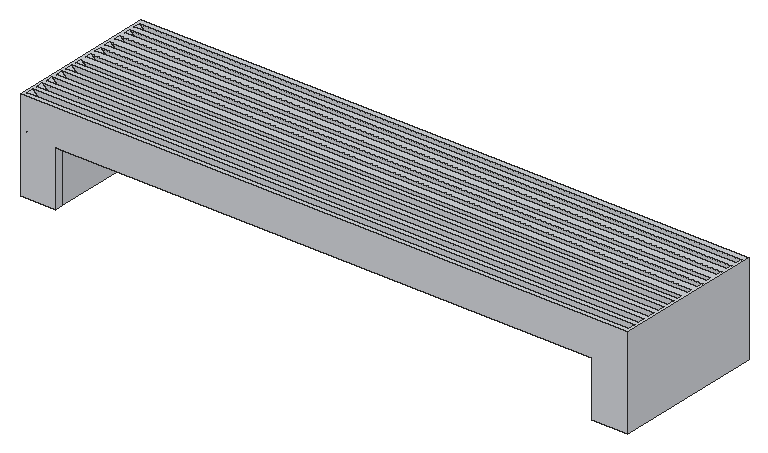
Revit family "SP13", category Mechanical Equipment, Revit 2017
Family settings
  Round Connector Dimension = Use Diameter
  Part Type = Normal
  OmniClass Number = 23.75.00.00
  OmniClass Title = Climate Control (HVAC)
  Work Plane-Based = No
  Always vertical = Yes
  Cut with Voids When Loaded = No
  Shared = No
  Room Calculation Point = No
Parameters
  Width = 299 mm
  Length = 1200 mm
  Leg height = 180 mm
  Height = 180 mm
Reference planes
  plane 1 "Center (Front/Back)": y = 0
  plane 2: z = 0
  plane 3 "Center (Left/Right)": x = 0
  plane 4: x = 0
  plane 5: x = -600
  plane 6: x = 600
  plane 7: x = -595
  plane 8: x = -580
  plane 9: x = 595
  plane 10: x = 580
  plane 11: x = 597
  plane 12: x = -597
  plane 13: z = 180
  plane 14: z = 165
  plane 15: z = 125
  plane 16: z = 110
  plane 17: y = -3
  plane 18: y = -299
  plane 19: y = -296
  plane 20: y = -281
  plane 21: y = -18
  plane 22: x = -530
  plane 23: x = 530
  plane 24: x = -533
  plane 25: x = 533
  plane 26 "Center": y = -149.5
Forms (mm)
  Extrusion 1, solid
    sketch origin (0, 0, 0) x (1, 0, 0) y (0, 0, 1)
      loop
        line (-600, 180) -> (-600, 110) -> (-595, 110) -> (-580, 125) -> (-580, 165) -> (-595, 180) -> (-600, 180)
      loop
        line (600, 180) -> (595, 180) -> (580, 165) -> (580, 125) -> (595, 110) -> (600, 110) -> (600, 180)
    from 0 to 299
  Extrusion 2, solid
    sketch origin (0, 0, 0) x (1, 0, 0) y (0, 1, 0)
      loop
        line (530, -18) -> (533, -18) -> (533, -3) -> (597, -3) -> (597, -296) -> (533, -296) -> (533, -281) -> (530, -281) -> (530, -299) -> (600, -299) -> (600, 0) -> (530, 0) -> (530, -18)
      loop
        line (-530, -18) -> (-530, 0) -> (-600, 0) -> (-600, -299) -> (-530, -299) -> (-530, -281) -> (-533, -281) -> (-533, -296) -> (-597, -296) -> (-597, -3) -> (-533, -3) -> (-533, -18) -> (-530, -18)
    from 0 to 110
  Extrusion 3, solid
    sketch origin (0, 0, 0) x (1, 0, 0) y (0, 1, 0)
      loop
        line (-595, 0) -> (-595, -11) -> (595, -11) -> (595, 0) -> (-595, 0)
    from 110 to 180
  Extrusion 4, solid
    sketch origin (0, -24, 0) x (1, 0, 0) y (0, 1, 0)
      loop
        line (-595, 0) -> (-595, -11) -> (595, -11) -> (595, 0) -> (-595, 0)
    from 110 to 180
  Extrusion 5, solid
    sketch origin (0, -48, 0) x (1, 0, 0) y (0, 1, 0)
      loop
        line (-595, 0) -> (-595, -11) -> (595, -11) -> (595, 0) -> (-595, 0)
    from 110 to 180
  Extrusion 6, solid
    sketch origin (0, -72, 0) x (1, 0, 0) y (0, 1, 0)
      loop
        line (-595, 0) -> (-595, -11) -> (595, -11) -> (595, 0) -> (-595, 0)
    from 110 to 180
  Extrusion 7, solid
    sketch origin (0, -96, 0) x (1, 0, 0) y (0, 1, 0)
      loop
        line (-595, 0) -> (-595, -11) -> (595, -11) -> (595, 0) -> (-595, 0)
    from 110 to 180
  Extrusion 8, solid
    sketch origin (0, -120, 0) x (1, 0, 0) y (0, 1, 0)
      loop
        line (-595, 0) -> (-595, -11) -> (595, -11) -> (595, 0) -> (-595, 0)
    from 110 to 180
  Extrusion 9, solid
    sketch origin (0, -144, 0) x (1, 0, 0) y (0, 1, 0)
      loop
        line (-595, 0) -> (-595, -11) -> (595, -11) -> (595, 0) -> (-595, 0)
    from 110 to 180
  Extrusion 10, solid
    sketch origin (0, -168, 0) x (1, 0, 0) y (0, 1, 0)
      loop
        line (-595, 0) -> (-595, -11) -> (595, -11) -> (595, 0) -> (-595, 0)
    from 110 to 180
  Extrusion 11, solid
    sketch origin (0, -192, 0) x (1, 0, 0) y (0, 1, 0)
      loop
        line (-595, 0) -> (-595, -11) -> (595, -11) -> (595, 0) -> (-595, 0)
    from 110 to 180
  Extrusion 12, solid
    sketch origin (0, -216, 0) x (1, 0, 0) y (0, 1, 0)
      loop
        line (-595, 0) -> (-595, -11) -> (595, -11) -> (595, 0) -> (-595, 0)
    from 110 to 180
  Extrusion 13, solid
    sketch origin (0, -240, 0) x (1, 0, 0) y (0, 1, 0)
      loop
        line (-595, 0) -> (-595, -11) -> (595, -11) -> (595, 0) -> (-595, 0)
    from 110 to 180
  Extrusion 14, solid
    sketch origin (0, -264, 0) x (1, 0, 0) y (0, 1, 0)
      loop
        line (-595, 0) -> (-595, -11) -> (595, -11) -> (595, 0) -> (-595, 0)
    from 110 to 180
  Extrusion 15, solid
    sketch origin (0, -288, 0) x (1, 0, 0) y (0, 1, 0)
      loop
        line (-595, 0) -> (-595, -11) -> (595, -11) -> (595, 0) -> (-595, 0)
    from 110 to 180
  Extrusion 16, solid
    sketch origin (0, 0, 0) x (1, 0, 0) y (0, 1, 0)
      loop
        circle (-553, -53.5) r 10.5
      loop
        circle (-553, -245.5) r 10.5
      loop
        circle (553, -53.5) r 10.5
      loop
        circle (553, -245.5) r 10.5
    from 95 to 110
  Extrusion 17, solid
    sketch origin (0, 0, 0) x (1, 0, 0) y (0, 1, 0)
      loop
        line (-533, -18) -> (-533, -281) -> (-530, -281) -> (-530, -18) -> (-533, -18)
      loop
        line (533, -18) -> (530, -18) -> (530, -281) -> (533, -281) -> (533, -18)
    from 0 to 110
Cuts and joins
  joined: Extrusion 1, Extrusion 2, Extrusion 3, Extrusion 4, Extrusion 5, Extrusion 6, Extrusion 7, Extrusion 8, Extrusion 9, Extrusion 10, Extrusion 11, Extrusion 12, Extrusion 13, Extrusion 14, Extrusion 15
Dimensions and locks
  equal spacing: plane 5, plane 4, plane 6
  "Length": plane 5 to plane 6
  locked: plane 7 to plane 8 at 15
  locked: plane 5 to plane 7 at 5
  locked: plane 9 to plane 10 at 15
  locked: plane 6 to plane 9 at 5
  locked: plane 11 to plane 6 at 3
  locked: plane 5 to plane 12 at 3
  "Height": plane 13 to level
  locked: plane 13 to plane 14 at 15
  locked: plane 13 to plane 16 at 70
  locked: plane 15 to plane 16 at 15
  "Width": plane 18 to plane 1 "Center (Front/Back)"
  locked: plane 23 to plane 6 at 70
  locked: plane 17 to plane 1 "Center (Front/Back)" at 3
  locked: plane 19 to plane 18 at 3
  locked: plane 21 to plane 1 "Center (Front/Back)" at 18
  locked: plane 20 to plane 18 at 18
  locked: plane 24 to plane 22 at 3
  locked: plane 23 to plane 25 at 3
  Extrusion 3 sketch curve to Extrusion 3 sketch curve = 11 mm
  Extrusion 4 sketch curve to Extrusion 4 sketch curve = 11 mm
  Extrusion 5 sketch curve to Extrusion 5 sketch curve = 11 mm
  Extrusion 6 sketch curve to Extrusion 6 sketch curve = 11 mm
  Extrusion 7 sketch curve to Extrusion 7 sketch curve = 11 mm
  Extrusion 8 sketch curve to Extrusion 8 sketch curve = 11 mm
  Extrusion 9 sketch curve to Extrusion 9 sketch curve = 11 mm
  Extrusion 10 sketch curve to Extrusion 10 sketch curve = 11 mm
  Extrusion 11 sketch curve to Extrusion 11 sketch curve = 11 mm
  Extrusion 12 sketch curve to Extrusion 12 sketch curve = 11 mm
  Extrusion 13 sketch curve to Extrusion 13 sketch curve = 11 mm
  Extrusion 14 sketch curve to Extrusion 14 sketch curve = 11 mm
  Extrusion 15 sketch curve to Extrusion 15 sketch curve = 11 mm
  locked: plane 5 to plane 22 at 70
  equal spacing: plane 18, plane 26 "Center", plane 1 "Center (Front/Back)"
  Extrusion 16 sketch curve to plane 1 "Center (Front/Back)" = 53.5 mm
  Extrusion 16 sketch curve to plane 18 = 53.5 mm
  locked: plane 5 to Extrusion 16 sketch curve at 47  (x2)
  locked: Extrusion 16 sketch curve to plane 1 "Center (Front/Back)" at 53.5
  locked: Extrusion 16 sketch curve to plane 18 at 53.5
  locked: Extrusion 16 sketch curve to plane 6 at 47  (x2)
  locked: plane 16 to Extrusion 16 at 15
  locked: Extrusion 3 to Extrusion 3 at 11
  locked: Extrusion 4 to Extrusion 3 at 13
  plane 21 to Extrusion 4 to Extrusion 4 = 6 mm locked, 11 mm locked
  locked: Extrusion 5 to Extrusion 4 at 13
  locked: Extrusion 5 to Extrusion 5 at 11
  locked: Extrusion 6 to Extrusion 5 at 13
  locked: Extrusion 6 to Extrusion 6 at 11
  locked: Extrusion 7 to Extrusion 6 at 13
  locked: Extrusion 7 to Extrusion 7 at 11
  locked: Extrusion 8 to Extrusion 7 at 13
  locked: Extrusion 8 to Extrusion 8 at 11
  locked: Extrusion 9 to Extrusion 8 at 13
  locked: Extrusion 9 to Extrusion 9 at 11
  locked: Extrusion 10 to Extrusion 9 at 13
  locked: Extrusion 10 to Extrusion 10 at 11
  locked: Extrusion 11 to Extrusion 10 at 13
  locked: Extrusion 11 to Extrusion 11 at 11
  locked: Extrusion 12 to Extrusion 11 at 13
  locked: Extrusion 12 to Extrusion 12 at 11
  locked: Extrusion 13 to Extrusion 12 at 13
  locked: Extrusion 13 to Extrusion 13 at 11
  locked: Extrusion 14 to Extrusion 13 at 13
  locked: Extrusion 14 to Extrusion 14 at 11
  locked: Extrusion 15 to Extrusion 14 at 13
  locked: Extrusion 15 to Extrusion 15 at 11
  aligned and locked: level to plane 2
  aligned and locked: plane 5 to Extrusion 1 sketch curve
  aligned and locked: Extrusion 1 sketch curve to plane 8
  aligned and locked: plane 16 to Extrusion 1 sketch curve
  aligned and locked: Extrusion 1 sketch curve to plane 13
  aligned and locked: Extrusion 1 sketch curve to plane 6
  aligned and locked: plane 13 to Extrusion 1 sketch curve
  aligned and locked: plane 10 to Extrusion 1 sketch curve
  aligned and locked: Extrusion 1 sketch curve to plane 16
  aligned and locked: plane 17 to Extrusion 2 sketch curve
  aligned and locked: Extrusion 2 sketch curve to plane 25  (x2)
  aligned and locked: plane 21 to Extrusion 2 sketch curve
  aligned and locked: plane 23 to Extrusion 2 sketch curve  (x2)
  aligned and locked: plane 1 "Center (Front/Back)" to Extrusion 2 sketch curve
  aligned and locked: plane 11 to Extrusion 2 sketch curve
  aligned and locked: plane 6 to Extrusion 2 sketch curve
  aligned and locked: Extrusion 2 sketch curve to plane 19
  aligned and locked: Extrusion 2 sketch curve to plane 20
  aligned and locked: plane 18 to Extrusion 2 sketch curve
  aligned and locked: plane 22 to Extrusion 2 sketch curve  (x2)
  aligned and locked: Extrusion 2 sketch curve to plane 24  (x2)
  aligned and locked: Extrusion 2 sketch curve to plane 21
  aligned and locked: Extrusion 2 sketch curve to plane 1 "Center (Front/Back)"
  aligned and locked: Extrusion 2 sketch curve to plane 17
  aligned and locked: plane 20 to Extrusion 2 sketch curve
  aligned and locked: Extrusion 2 sketch curve to plane 18
  aligned and locked: plane 19 to Extrusion 2 sketch curve
  aligned and locked: Extrusion 2 sketch curve to plane 12
  aligned and locked: Extrusion 2 sketch curve to plane 5
  aligned and locked: plane 16 to Extrusion 2
  aligned and locked: plane 13 to Extrusion 3
  aligned and locked: Extrusion 3 to plane 16
  aligned and locked: Extrusion 15 to plane 9
  aligned and locked: Extrusion 14 to plane 9
  aligned and locked: Extrusion 13 to plane 9
  aligned and locked: Extrusion 12 to plane 9
  aligned and locked: Extrusion 11 to plane 9
  aligned and locked: Extrusion 10 to plane 9
  aligned and locked: Extrusion 9 to plane 9
  aligned and locked: Extrusion 8 to plane 9
  aligned and locked: Extrusion 7 to plane 9
  aligned and locked: Extrusion 6 to plane 9
  aligned and locked: Extrusion 5 to plane 9
  aligned and locked: Extrusion 4 to plane 9
  aligned and locked: Extrusion 3 to plane 9
  aligned and locked: plane 16 to Extrusion 16
  aligned and locked: plane 13 to Extrusion 15
  aligned and locked: plane 13 to Extrusion 14
  aligned and locked: plane 13 to Extrusion 13
  aligned and locked: plane 13 to Extrusion 12
  aligned and locked: plane 13 to Extrusion 11
  aligned and locked: plane 13 to Extrusion 10
  aligned and locked: plane 13 to Extrusion 9
  aligned and locked: plane 13 to Extrusion 8
  aligned and locked: plane 13 to Extrusion 7
  aligned and locked: plane 13 to Extrusion 6
  aligned and locked: plane 13 to Extrusion 5
  aligned and locked: plane 13 to Extrusion 4
  aligned and locked: Extrusion 15 to plane 16
  aligned and locked: Extrusion 14 to plane 16
  aligned and locked: Extrusion 13 to plane 16
  aligned and locked: Extrusion 12 to plane 16
  aligned and locked: Extrusion 11 to plane 16
  aligned and locked: Extrusion 10 to plane 16
  aligned and locked: Extrusion 9 to plane 16
  aligned and locked: Extrusion 8 to plane 16
  aligned and locked: Extrusion 7 to plane 16
  aligned and locked: Extrusion 6 to plane 16
  aligned and locked: Extrusion 5 to plane 16
  aligned and locked: Extrusion 4 to plane 16
  aligned and locked: Extrusion 1 to plane 18
  aligned and locked: Extrusion 17 sketch curve to plane 21
  aligned and locked: plane 24 to Extrusion 17 sketch curve
  aligned and locked: Extrusion 17 sketch curve to plane 22
  aligned and locked: plane 20 to Extrusion 17 sketch curve
  aligned and locked: plane 21 to Extrusion 17 sketch curve
  aligned and locked: Extrusion 2 to Extrusion 17 sketch curve
  aligned and locked: plane 25 to Extrusion 17 sketch curve
  aligned and locked: Extrusion 17 sketch curve to plane 20
  aligned and locked: plane 16 to Extrusion 17
Automatic sketch dimensions
  Extrusion 1 sketch curve to plane 7 = 0 mm  (x2)
  plane 9 to Extrusion 1 sketch curve = 0 mm  (x2)
  Extrusion 1 sketch curve to plane 15 = 0 mm  (x2)
  Extrusion 1 sketch curve to plane 14 = 0 mm  (x2)
  Extrusion 3 sketch curve to Extrusion 3 sketch curve = 1190 mm
  Extrusion 4 sketch curve to Extrusion 4 sketch curve = 1190 mm
  Extrusion 5 sketch curve to Extrusion 5 sketch curve = 1190 mm
  Extrusion 6 sketch curve to Extrusion 6 sketch curve = 1190 mm
  Extrusion 7 sketch curve to Extrusion 7 sketch curve = 1190 mm
  Extrusion 8 sketch curve to Extrusion 8 sketch curve = 1190 mm
  Extrusion 9 sketch curve to Extrusion 9 sketch curve = 1190 mm
  Extrusion 10 sketch curve to Extrusion 10 sketch curve = 1190 mm
  Extrusion 11 sketch curve to Extrusion 11 sketch curve = 1190 mm
  Extrusion 12 sketch curve to Extrusion 12 sketch curve = 1190 mm
  Extrusion 13 sketch curve to Extrusion 13 sketch curve = 1190 mm
  Extrusion 14 sketch curve to Extrusion 14 sketch curve = 1190 mm
  Extrusion 15 sketch curve to Extrusion 15 sketch curve = 1190 mm
  plane 1 "Center (Front/Back)" to Extrusion 3 sketch curve = 0 mm
  Extrusion 3 sketch curve to plane 7 = 0 mm
  Extrusion 4 sketch curve to plane 7 = 0 mm
  Extrusion 4 sketch curve to plane 21 = 17 mm
  Extrusion 5 sketch curve to plane 7 = 0 mm
  Extrusion 5 sketch curve to plane 21 = 41 mm
  Extrusion 6 sketch curve to plane 7 = 0 mm
  Extrusion 6 sketch curve to plane 21 = 65 mm
  Extrusion 7 sketch curve to plane 7 = 0 mm
  Extrusion 7 sketch curve to plane 21 = 89 mm
  Extrusion 8 sketch curve to plane 7 = 0 mm
  Extrusion 8 sketch curve to plane 21 = 113 mm
  Extrusion 9 sketch curve to plane 7 = 0 mm
  Extrusion 9 sketch curve to plane 21 = 137 mm
  Extrusion 10 sketch curve to plane 7 = 0 mm
  plane 20 to Extrusion 10 sketch curve = 102 mm
  Extrusion 11 sketch curve to plane 7 = 0 mm
  plane 20 to Extrusion 11 sketch curve = 78 mm
  Extrusion 12 sketch curve to plane 7 = 0 mm
  plane 20 to Extrusion 12 sketch curve = 54 mm
  Extrusion 13 sketch curve to plane 7 = 0 mm
  plane 20 to Extrusion 13 sketch curve = 30 mm
  Extrusion 14 sketch curve to plane 7 = 0 mm
  plane 20 to Extrusion 14 sketch curve = 6 mm
  Extrusion 15 sketch curve to plane 7 = 0 mm
  Extrusion 15 sketch curve to plane 20 = 18 mm
  radius of Extrusion 16 sketch curve = 10.5 mm  (x4)
